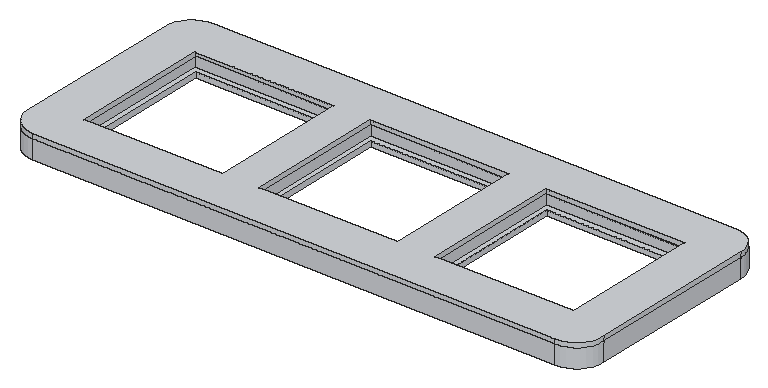
Revit family "Gira_0213411", category Electrical Fixtures, host Face, Revit 2017
Family settings
  Host = Face
  Maintain Annotation Orientation = No
  Round Connector Dimension = Use Diameter
  Part Type = Normal
  Cut with Voids When Loaded = No
  Shared = No
  Room Calculation Point = No
Parameters (values of type "Cov.fr. 3-g Gira E3 light grey/p.white")
  URL = "http://katalog.gira.de/en/datenblatt.html?artikelnr=0213411"
  Transparent = "No"
  Name = "Cov.fr. 3-g Gira E3 light grey/p.white"
  Manufacturer URL = "https://www.gira.de/"
  Manufacturer = "Gira"
  Keynote = ""
  HeinzeBIM = "https://bimportal.heinze.de/bim/cov-fr-3-g-gira-e3-light-grey-p-white/2f2c754e11d2158d60e164a8fca39d6a2e9a2d84"
  HAN = "0213411"
  GTIN = "4010337023791"
  Description = "Cov.fr.3g E3 LgyRw,Gira E3 cover frame,light grey soft touch with pure white glossy intermediate frame,3-gang,Features:,- Shatter-proof.,,Notes :,- Soft-touch surface,- NCS value: approx. NCS S-2000 N"
  Default Elevation = 1219.2 mm
  Data sheet (1) = "https://katalog.gira.de/en/download.html?artikelnr=0213411"
  Category = "Cover frame for domestic switching devices"
  BIM (1) = "https://media.stage.bim.site/public/gira/36a6b08/E3_Rahmen_3fach.rfa"
  Available = "No"
Reference planes
  plane 1 "Center (Front/Back)": y = 0
  plane 2: z = 0
  plane 3 "Center (Left/Right)": x = 0
Forms (mm)
  Extrusion 1, solid, detail levels fine
    sketch origin (0, 0, 0) x (1, 0, 0) y (0, 1, 0)
      loop
        arc (-106.1, 45.809) -> (-113.884, 42.585) -> (-117.109, 34.8) r 11.009
        line (-117.109, 34.8) -> (-117.109, -34.8)
        arc (-117.109, -34.8) -> (-113.884, -42.585) -> (-106.1, -45.809) r 11.009
        line (-106.1, -45.809) -> (106.1, -45.809)
        arc (106.1, -45.809) -> (113.884, -42.585) -> (117.109, -34.8) r 11.009
        line (117.109, -34.8) -> (117.109, 34.8)
        arc (117.109, 34.8) -> (113.884, 42.585) -> (106.1, 45.809) r 11.009
        line (106.1, 45.809) -> (-106.1, 45.809)
      loop
        line (-43.2, 28.187) -> (-99.456, 28.187) -> (-99.456, -28.187) -> (-43.2, -28.187) -> (-43.2, 28.187)
      loop
        line (-28.3, 28.187) -> (-28.3, -28.187) -> (27.956, -28.187) -> (27.956, 28.187) -> (-28.3, 28.187)
      loop
        line (43.2, 28.187) -> (43.2, -28.187) -> (99.456, -28.187) -> (99.456, 28.187) -> (43.2, 28.187)
    from 7.65 to 9.5
  Extrusion 2, solid, detail levels fine
    sketch origin (-71.5, 0, 0) x (1, 0, 0) y (0, 1, 0)
      loop
        line (26.1, 25.7) -> (-25.7, 25.7) -> (-25.7, -25.7) -> (26.1, -25.7) -> (26.1, 25.7)
      loop
        line (-28.187, -28.156) -> (28.187, -28.156) -> (28.187, 28.156) -> (-28.187, 28.156) -> (-28.187, -28.156)
    from 1.65 to 3.9
  Extrusion 3, solid, detail levels fine
    sketch origin (0, 0, 0) x (1, 0, 0) y (0, 1, 0)
      loop
        arc (-106.1, 45.809) -> (-113.884, 42.585) -> (-117.109, 34.8) r 11.009
        line (-117.109, 34.8) -> (-117.109, -34.8)
        arc (-117.109, -34.8) -> (-113.884, -42.585) -> (-106.1, -45.809) r 11.009
        line (-106.1, -45.809) -> (106.1, -45.809)
        arc (106.1, -45.809) -> (113.884, -42.585) -> (117.109, -34.8) r 11.009
        line (117.109, -34.8) -> (117.109, 34.8)
        arc (117.109, 34.8) -> (113.884, 42.585) -> (106.1, 45.809) r 11.009
        line (106.1, 45.809) -> (-106.1, 45.809)
      loop
        line (-115.143, 34.785) -> (-115.143, -34.785)
        arc (-115.143, -34.785) -> (-112.49, -41.19) -> (-106.084, -43.843) r 9.058
        line (-106.084, -43.843) -> (106.084, -43.843)
        arc (106.084, -43.843) -> (112.49, -41.19) -> (115.143, -34.785) r 9.058
        line (115.143, -34.785) -> (115.143, 34.785)
        arc (115.143, 34.785) -> (112.49, 41.19) -> (106.084, 43.843) r 9.058
        line (106.084, 43.843) -> (-106.084, 43.843)
        arc (-106.084, 43.843) -> (-112.49, 41.19) -> (-115.143, 34.785) r 9.058
    from 0 to 7.65
  Extrusion 4, solid, detail levels fine
    sketch origin (-35.75, 0, 0) x (1, 0, 0) y (0, 1, 0)
      loop
        line (-62.956, -31.075) -> (62.956, -31.075)
        arc (62.956, -31.075) -> (65.599, -29.98) -> (66.694, -27.337) r 3.739
        line (66.694, -27.337) -> (66.694, 27.337)
        arc (66.694, 27.337) -> (65.599, 29.98) -> (62.956, 31.075) r 3.739
        line (62.956, 31.075) -> (-62.956, 31.075)
        arc (-62.956, 31.075) -> (-65.599, 29.98) -> (-66.694, 27.337) r 3.739
        line (-66.694, 27.337) -> (-66.694, -27.337)
        arc (-66.694, -27.337) -> (-65.599, -29.98) -> (-62.956, -31.075) r 3.739
      loop
        line (-65.544, 27.537) -> (-65.544, -27.537)
        arc (-65.544, -27.537) -> (-64.845, -29.226) -> (-63.156, -29.925) r 2.389
        line (-63.156, -29.925) -> (63.156, -29.925)
        arc (63.156, -29.925) -> (64.845, -29.226) -> (65.544, -27.537) r 2.389
        line (65.544, -27.537) -> (65.544, 27.537)
        arc (65.544, 27.537) -> (64.845, 29.226) -> (63.156, 29.925) r 2.389
        line (63.156, 29.925) -> (-63.156, 29.925)
        arc (-63.156, 29.925) -> (-64.845, 29.226) -> (-65.544, 27.537) r 2.389
    from 1.65 to 7.65
  Extrusion 5, solid, detail levels fine
    sketch origin (0, 0, 0) x (1, 0, 0) y (0, 1, 0)
      loop
        line (-103.367, -39.8) -> (103.368, -39.8)
        arc (103.368, -39.8) -> (108.982, -36.708) -> (111.215, -30.7) r 9.2
        line (111.215, -30.7) -> (111.215, 30.7)
        arc (111.215, 30.7) -> (108.52, 37.205) -> (102.015, 39.9) r 9.2
        line (102.015, 39.9) -> (-102.014, 39.9)
        arc (-102.014, 39.9) -> (-108.52, 37.205) -> (-111.214, 30.7) r 9.2
        line (-111.214, 30.7) -> (-111.214, -30.7)
        arc (-111.214, -30.7) -> (-108.982, -36.708) -> (-103.367, -39.8) r 9.2
      loop
        line (-102.014, -31.7) -> (102.015, -31.7)
        arc (102.015, -31.7) -> (102.722, -31.407) -> (103.015, -30.7) r 1
        line (103.015, -30.7) -> (103.015, 30.7)
        arc (103.015, 30.7) -> (102.722, 31.407) -> (102.015, 31.7) r 1
        line (102.015, 31.7) -> (-102.014, 31.7)
        arc (-102.014, 31.7) -> (-102.721, 31.407) -> (-103.014, 30.7) r 1
        line (-103.014, 30.7) -> (-103.014, -30.7)
        arc (-103.014, -30.7) -> (-102.721, -31.407) -> (-102.014, -31.7) r 1
    from 1.65 to 3.9
  Extrusion 6, solid, detail levels fine
    sketch origin (-71.5, 0, 0) x (1, 0, 0) y (0, 1, 0)
      loop
        line (-28.187, 28.156) -> (-28.187, -28.156) -> (28.187, -28.156) -> (28.187, 28.156) -> (-28.187, 28.156)
      loop
        line (-29.925, 29.925) -> (-29.925, -29.925) -> (29.925, -29.925) -> (29.925, 29.925) -> (-29.925, 29.925)
    from 1.65 to 7.65
  Extrusion 7, solid, detail levels coarse+medium
    sketch origin (0, 0, 0) x (1, 0, 0) y (0, 1, 0)
      loop
        line (-117.109, 45.809) -> (-117.109, -45.809) -> (117.109, -45.809) -> (117.109, 45.809) -> (-117.109, 45.809)
    from 0 to 9.5
  Extrusion 8, solid, detail levels fine
    sketch origin (0, 0, 0) x (-1, 0, 0) y (0, -1, 0)
      loop
        line (25.9, -25.7) -> (25.9, 25.7) -> (-25.9, 25.7) -> (-25.9, -25.7) -> (25.9, -25.7)
      loop
        line (-28.187, 28.156) -> (-28.187, -28.156) -> (28.187, -28.156) -> (28.187, 28.156) -> (-28.187, 28.156)
    from 1.65 to 3.9
  Extrusion 9, solid, detail levels fine
    sketch origin (0, 0, 0) x (-1, 0, 0) y (0, -1, 0)
      loop
        line (-28.187, -28.156) -> (28.187, -28.156) -> (28.187, 28.156) -> (-28.187, 28.156) -> (-28.187, -28.156)
      loop
        line (-29.925, -29.925) -> (29.925, -29.925) -> (29.925, 29.925) -> (-29.925, 29.925) -> (-29.925, -29.925)
    from 1.65 to 7.65
  Extrusion 10, solid, detail levels fine
    sketch origin (71.5, 0, 0) x (-1, 0, 0) y (0, -1, 0)
      loop
        line (26.1, -25.7) -> (26.1, 25.7) -> (-25.7, 25.7) -> (-25.7, -25.7) -> (26.1, -25.7)
      loop
        line (-28.187, 28.156) -> (-28.187, -28.156) -> (28.187, -28.156) -> (28.187, 28.156) -> (-28.187, 28.156)
    from 1.65 to 3.9
  Extrusion 11, solid, detail levels fine
    sketch origin (71.5, 0, 0) x (-1, 0, 0) y (0, -1, 0)
      loop
        line (-28.187, -28.156) -> (28.187, -28.156) -> (28.187, 28.156) -> (-28.187, 28.156) -> (-28.187, -28.156)
      loop
        line (-29.925, -29.925) -> (29.925, -29.925) -> (29.925, 29.925) -> (-29.925, 29.925) -> (-29.925, -29.925)
    from 1.65 to 7.65
Dimensions and locks
  aligned and locked: plane 2 to host face
  aligned and locked: level to host face
